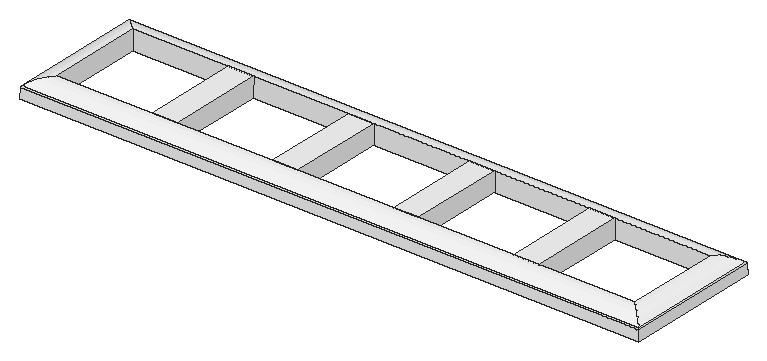
Revit family "Gira_021504", category Electrical Fixtures, host Face, Revit 2017
Family settings
  Host = Face
  Maintain Annotation Orientation = No
  Round Connector Dimension = Use Diameter
  Part Type = Normal
  Cut with Voids When Loaded = No
  Shared = No
  Room Calculation Point = No
Parameters (values of type "Cov.fr. 5-g Standard 55 p.white m")
  With mounting grid = "No"
  With hinged lid = "No"
  URL = "http://katalog.gira.de/en/datenblatt.html?artikelnr=021504"
  Type of fastening = "Clamp mounting"
  Transparent = "No"
  Surface protection = "Other"
  Surface finishing = "Matt"
  Suitable for wall duct = "No"
  Suitable for flush-mounted installation = "Yes"
  Suitable for floor box = "No"
  Suitable for built-in installation = "No"
  RAL-number (akin) = "9010"
  Number of units vertical = "5"
  Number of units horizontal = "5"
  Number of units = "5"
  Name = "Cov.fr. 5-g Standard 55 p.white m"
  Mounting direction = "Horizontal and vertical"
  Material quality = "Thermoplastic"
  Material = "Plastic"
  Manufacturer URL = "https://www.gira.de/"
  Manufacturer = "Gira"
  Label space/information surface = "No"
  Keynote = ""
  HeinzeBIM = "https://bimportal.heinze.de/bim/cov-fr-5-g-standard-55-p-white-m/7f0b6860699ee6589bcf477035a2f0aeaa21aac3"
  Halogen free = "Yes"
  HAN = "021504"
  GTIN = "4010337215042"
  Description = "Cov.fr.5g Std55 PWm,Gira Standard 55 cover frame,pure white matt,5-gang,Features:,- Shatter-proof.,,Notes :,- Also suitable for duct installation.,- In connection with the seal kit, frame (1-gang to 5-gang) is also suitable for installation as water-protected flush-mounted IP44."
  Degree of protection (IP) = "IP20"
  Default Elevation = 1219.2 mm
  Data sheet (1) = "https://katalog.gira.de/en/download.html?artikelnr=021504"
  Colour = "White"
  Category = "Cover frame for domestic switching devices"
  BIM (1) = "https://media.stage.bim.site/public/gira/36a6b08/Std55_Rahmen_5fach.rfa"
  Available = "No"
Reference planes
  plane 1 "Center (Front/Back)": y = 0
  plane 2: z = 0
  plane 3 "Center (Left/Right)": x = 0
  plane 4: x = -40.3
  plane 5: x = 40.3
  plane 6: y = 183
  plane 7: y = -183
  plane 8: y = 35.7
  plane 9: y = -35.7
  plane 10: y = 107
  plane 11: y = -107
Forms (mm)
  Sweep 1, solid, material "White", detail levels fine
    path origin (0, 0, 0) x (0, -1, 0) y (1, 0, 0)
      loop
        line (40.3, 183) -> (-40.3, 183) -> (-40.3, -183) -> (40.3, -183) -> (40.3, 183)
    profile origin (183, 0, 0) x (-1, 0, 0) y (0, 0, 1)
      loop
        arc (12.22, 11.373) -> (5.983, 10.294) -> (0.641, 6.901) r 16.145
        arc (0.641, 6.901) -> (0.395, 6.426) -> (0.309, 5.898) r 1.694
        line (0.309, 5.898) -> (0, 0) -> (12.319, 0) -> (12.22, 11.373)
  Extrusion 2, solid, material "White", detail levels fine
    sketch origin (-107, 0, 0) x (1, 0, 0) y (0, 0, 1)
      loop
        line (7.4, 0) -> (7.4, 11.373) -> (-7.4, 11.373) -> (-7.4, 0) -> (7.4, 0)
    from -28.08 to 28.08
  Extrusion 3, solid, material "White", detail levels fine
    sketch origin (107, 0, 0) x (1, 0, 0) y (0, 0, 1)
      loop
        line (7.4, 0) -> (7.4, 11.373) -> (-7.4, 11.373) -> (-7.4, 0) -> (7.4, 0)
    from -28.08 to 28.08
  Extrusion 4, solid, material "White", detail levels fine
    sketch origin (35.7, 0, 0) x (1, 0, 0) y (0, 0, 1)
      loop
        line (7.4, 0) -> (7.4, 11.373) -> (-7.4, 11.373) -> (-7.4, 0) -> (7.4, 0)
    from -28.08 to 28.08
  Extrusion 5, solid, material "White", detail levels fine
    sketch origin (-35.7, 0, 0) x (1, 0, 0) y (0, 0, 1)
      loop
        line (7.4, 0) -> (7.4, 11.373) -> (-7.4, 11.373) -> (-7.4, 0) -> (7.4, 0)
    from -28.08 to 28.08
  Extrusion 6, solid, material "White", detail levels coarse+medium
    sketch origin (0, 0, 0) x (0, -1, 0) y (1, 0, 0)
      loop
        line (-39.659, 182.359) -> (-39.659, -182.365) -> (39.665, -182.365) -> (39.665, 182.359) -> (-39.659, 182.359)
    from 0 to 11.373
Dimensions and locks
  aligned and locked: plane 2 to host face
  aligned and locked: level to host face
